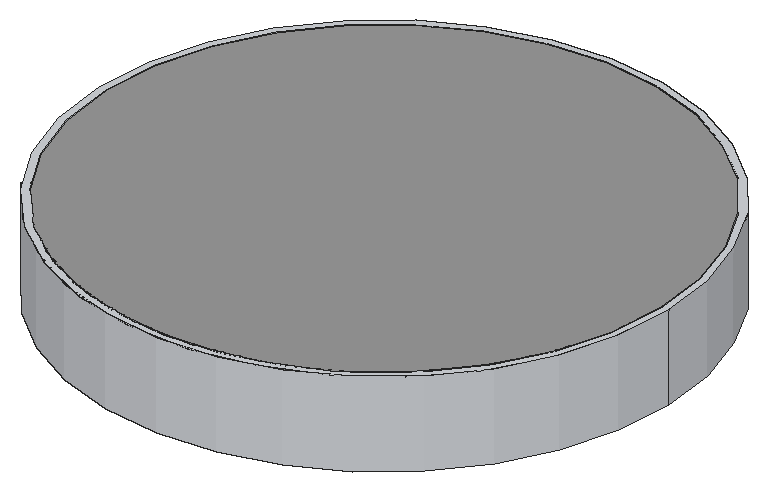
Revit family "2071158", category Lighting Fixtures, host Face, Revit 2018
Family settings
  Host = Face
  Round Connector Dimension = Use Diameter
  Part Type = Normal
  OmniClass Number = 23.80.70.00
  OmniClass Title = Lighting
  Cut with Voids When Loaded = No
  Light Source = Yes
  Shared = No
  Room Calculation Point = No
Parameters (values of type "2071158 COLOSSAL 400 940 PR DIR+H WHT DALI")
  iner diameter = 390 mm
  Weight = "n/a"
  Wattage Comments = ""
  Wattage = 30 W
  WarrantyStartDate [instance] = "n/a"
  WarrantyGuarantorParts = "n/a"
  WarrantyDurationUnit = "n/a"
  WarrantyDurationParts = ""
  WarrantyDescription = "http://www.sylvania-lighting.com"
  built-in parameter 1150110 = 1 (stored number, unit not read)
  Voltage = 230 V
  URL = "0.95"
  TypeName = "COLOSSAL 400mm 940 PRISM DIR+HAL WHITE DALI"
  Type Image = <None>
  Type Comments = "n/a"
  built-in parameter 1114217 = 1 (stored number, unit not read)
  Tilt Angle = -90.00°
  built-in parameter 1150109 = 1 (stored number, unit not read)
  built-in parameter 1150134 = (empty or 0)
  built-in parameter 1150113 = 1 (stored number, unit not read)
  SerialNumber [instance] = "n/a"
  Photometric Web File = "2071158.ies"
  Material_3_SYL = LED-Sylvania
  PowerFactor = 0
  PowerConsumption = "Lighting"
  NominalLength = 400 mm
  NominalHeight = 93 mm
  NominalDepth = 400 mm
  Name = "COLOSSAL 400mm 940 PRISM DIR+HAL WHITE DALI"
  ModelReference = Name  # "COLOSSAL 400mm 940 PRISM DIR+HAL WHITE DALI"
  ModelNumber = "2071158"
  Model = Name  # "COLOSSAL 400mm 940 PRISM DIR+HAL WHITE DALI"
  Material = "Feilo Sylvania"
  ManufacturerName = "107 lm/W"
  Manufacturer = ""
  LuminousEfficacy = ""
  built-in parameter 1150105 = 270.44 (stored number, unit not read)
  Lumens = 3398.4 lm
  LuminaireType = "0"
  built-in parameter 1150115 = 1 (stored number, unit not read)
  LightOutputRatio = "LED"
  built-in parameter 1150137 = (empty or 0)
  built-in parameter 1150139 = (empty or 0)
  LampsType = Lamp  # "n/a"
  LampNominalLuminous = "4000 K"
  LampMacAdamStep = "90"
  LampColourTemperature = "LED"
  LampColourRenderingIndex = "16500"
  built-in parameter 1150112 = 1 (stored number, unit not read)
  built-in parameter 1150114 = 1 (stored number, unit not read)
  Lamp = "n/a"
  Keynote = "n/a"
  InstallationDate [instance] = "n/a"
  InputVoltage = "0"
  InputNominalFrequency = "4000"
  built-in parameter 1150132 = (empty or 0)
  built-in parameter 1150102 = (empty or 0)
  built-in parameter 1150107 = 3000 (stored number, unit not read)
  built-in parameter 1150138 = (empty or 0)
  IngressProtection = "IfcLightFixtureType"
  ImpactProtectionIndex = "IfcLightFixtureType"
  built-in parameter 1150106 = 2.7044 (stored number, unit not read)
  IfcExportType = "IfcLightFixtureType"
  IfcExportAs = "Class I"
  Emit from Circle Diameter = 385 mm
  Emit Shape Visible in Rendering = no
  ElectricShockClassification = "107"
  built-in parameter 1150104 = 10.524 (stored number, unit not read)
  DocumentationLiterature = "http://www.sylvania-lighting.com/product/en-int/products/2071158"
  DimmingControlOptions = "n/a"
  Material_2_SYL = Polycarbonate_Sylvania_White
  Dimming Lamp Color Temperature Shift = <None>
  Description = "400mm diameter circular architectural luminaire, can be surface mounted or suspended. Powder coated aluminium housing (RAL9016) with PMMA prismatic diffuser. Direct/indirect (halo) light distribution, 1715lm luminuous flux, 16W system power, 107lm/W luminiaire efficacy. DALI dimmable. Colour rendering index Ra >90, 4000K Neutral White LED, chromaticity tolerance of 3-step MacAdam ellipse. IP40, IK03. 350mA drive current. UGR≤19. Electrical protection Class1, 220-240V. Reported lifetime 66k hours L90B10."
  Default Elevation = 1219.2 mm
  CreatedOn = "22/03/2022"
  CreatedBy = "@sylvania-lighting.com"
  Cost = 0
  Color Filter = 16777215
  built-in parameter 1114216 [instance] = (empty or 0)
  ClassificationValue = "EF_70_80"
  ClassificationName = "Uniclass2015"
  Material_1_SYL = Polycarbonate_Sylvania_Opal
  BarCode [instance] = "n/a"
  built-in parameter 1114218 = 1 (stored number, unit not read)
  built-in parameter 1150133 = 10 (stored number, unit not read)
  AssetType = "Fixed"
  AssetIdentifier [instance] = "n/a"
  Assembly Code = "D5020200"
  Apparent Load = 16 VA
  Material_4_SYL = none
Reference planes
  plane 1 "Center (Front/Back)": y = 0
  plane 2: z = 0
  plane 3 "Center (Left/Right)": x = 0
  plane 4: x = -200
  plane 5: x = 200
  plane 6: y = 200
  plane 7: y = -200
  plane 8: y = 236
  plane 9: y = -236
  plane 10: z = 93
  plane 11: y = 195
  plane 12: y = -195
  plane 13: y = 90.5
  plane 14: y = 144.5
  plane 15: through (52.25, 90.5, 1219.2) normal (0.866, 0.5, 0)
  plane 16: through (52.25, 90.5, 1219.2) normal (0.866, 0.5, 0)
  plane 17: through (63.706, 126.657, 1219.2) normal (0.866, 0.5, 0)
  plane 18: through (-104.5, 0, 1219.2) normal (-0.866, 0.5, 0)
  plane 19: through (-142.394, -9.633, 1219.2) normal (-0.866, 0.5, 0)
  plane 20: y = -90.5
  plane 21: y = -118.5
  plane 22: through (85.371, -141.133, 1219.2) normal (-0.866, 0.5, 0)
  plane 23: through (52.25, -90.5, 1219.2) normal (-0.866, 0.5, 0)
  plane 24: through (-161.658, 0, 1219.2) normal (0.866, 0.5, 0)
  plane 25: through (-172.12, 9.121, 1219.2) normal (0.866, 0.5, 0)
  plane 26: through (-104.5, 0, 1219.2) normal (0.866, 0.5, 0)
Forms (mm)
  Extrusion 1, solid, detail levels medium+fine
    sketch origin (0, 0, 0) x (1, 0, 0) y (0, 1, 0)
      loop
        circle (0, 0) r 200
    from 33.023 to 93
  Extrusion 2, void
    sketch origin (0, 0, 0) x (1, 0, 0) y (0, 1, 0)
      loop
        circle (0, 0) r 195
    from 93 to 37.292
  Extrusion 3, solid, material "Glass, White, High Luminance", detail levels fine
    sketch origin (0, 0, 0) x (1, 0, 0) y (0, 1, 0)
      loop
        circle (0, 0) r 195
    from 88.026 to 93
  Extrusion 4, solid, detail levels coarse
    sketch origin (0, 0, 0) x (1, 0, 0) y (0, 1, 0)
      loop
        line (-200, 200) -> (-200, -200) -> (200, -200) -> (200, 200) -> (-200, 200)
    from 0 to 93
  Blend 5, solid, detail levels medium+fine
    base sketch origin (0, 0, 0) x (1, 0, 0) y (0, 1, 0)
      loop
        line (-52.25, 90.5) -> (-104.5, 0) -> (-52.25, -90.5) -> (52.25, -90.5) -> (104.5, 0) -> (52.25, 90.5) -> (-52.25, 90.5)
    top sketch origin (0, 0, 0) x (1, 0, 0) y (0, 1, 0)
      loop
        line (-53.405, 144.5) -> (-149.245, -21.5) -> (-93.242, -118.5) -> (98.438, -118.5) -> (151.843, -26) -> (53.405, 144.5) -> (-53.405, 144.5)
    from 0 to 33.023
Cuts and joins
  Extrusion 2 cuts Extrusion 1
Dimensions and locks
  "NominalDepth": plane 6 to plane 7
  "NominalLength": plane 4 to plane 5
  equal spacing: plane 4, plane 3 "Center (Left/Right)", plane 5
  "iner diameter": plane 11 to plane 12
  equal spacing: plane 11, plane 1 "Center (Front/Back)", plane 12
  equal spacing: plane 6, plane 1 "Center (Front/Back)", plane 7
  "NominalHeight": plane 10 to level
  plane 19 to plane 18 = 28 mm
  radius of Extrusion 2 sketch curve = 195 mm
  aligned and locked: plane 2 to host face
  aligned and locked: level to host face
Automatic sketch dimensions
  host sketch curve to host sketch curve = 2438.4 mm  (x2)
  plane 1 "Center (Front/Back)" to Extrusion 1 sketch curve = 0 mm
  Extrusion 1 sketch curve to plane 3 "Center (Left/Right)" = 0 mm
  plane 1 "Center (Front/Back)" to Extrusion 2 sketch curve = 0 mm
  Extrusion 2 sketch curve to plane 3 "Center (Left/Right)" = 0 mm
  plane 1 "Center (Front/Back)" to Extrusion 3 sketch curve = 0 mm
  Extrusion 3 sketch curve to plane 3 "Center (Left/Right)" = 0 mm
  Extrusion 4 sketch curve to plane 4 = 0 mm
  Extrusion 4 sketch curve to plane 5 = 0 mm
  Extrusion 4 sketch curve to plane 7 = 0 mm
  Extrusion 4 sketch curve to plane 6 = 0 mm
  Blend 5 sketch curve to plane 19 = 0 mm  (x2)
  Blend 5 sketch curve to plane 24 = 0 mm  (x2)
  Blend 5 sketch curve to plane 21 = 0 mm
  Blend 5 sketch curve to plane 14 = 0 mm
  Blend 5 sketch curve to plane 17 = 0 mm  (x2)
  Blend 5 sketch curve to plane 22 = 0 mm  (x2)
  radius of Extrusion 1 sketch curve = 200 mm
  radius of Extrusion 3 sketch curve = 195 mm
Connectors
  electrical at (0, 0, 0), driven by "Apparent Load", driven by "PowerFactor", driven by "Voltage"
    settings: index 1, voltage 230 V, apparent load 16 VA, apparent load phase1 0 VA, apparent load phase2 0 VA, apparent load phase3 0 VA, power factor 0, load classification "Lighting", number of poles 1, system type 30, power factor state 1, is connector primary yes, connector utility no, sub classification motor no, connector description ""
